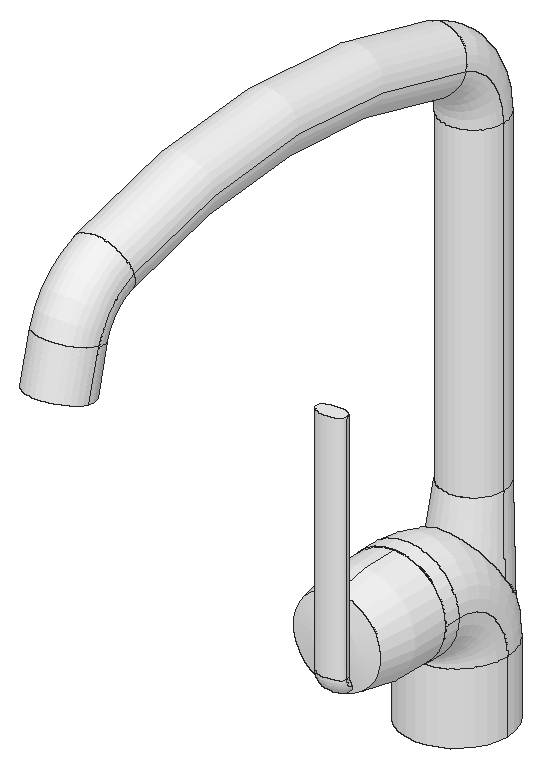
Revit family
Parameters
  Matériau = Plastique - Blanc brillant
  Manufacturer = ""
  Description = ""
Reference planes
  plane 1 "Centre (avant/arrière)": y = 0
  plane 2: z = 0
  plane 3 "Centre (gauche/droite)": x = 0
  plane 4: z = 44.427
Forms (mm)
  Sweep 1, solid, material "Plastique - Blanc brillant" <- "Matériau"
    path origin (0, 0, 0) x (0, 1, 0) y (0, 0, 1)
      loop
        line (-0.001, 99.935) -> (-0.001, 261.452)
        arc (-0.001, 261.452) -> (-6.471, 281.687) -> (-23.482, 294.414) r 34.876
        arc (-23.482, 294.414) -> (-125.186, 311.497) -> (-226.889, 294.414) r 311.288
        arc (-226.889, 294.414) -> (-240.306, 285.917) -> (-248.511, 272.32) r 34.58
        line (-248.511, 272.32) -> (-254.242, 249.434)
    profile origin (0, 0, 180.694) x (0, -1, 0) y (1, 0, 0)
      loop
        circle (0.001, 0) r 15
  Sweep 2, solid, material "Plastique - Blanc brillant" <- "Matériau"
    path origin (0, 0, 0) x (0, 1, 0) y (0, 0, 1)
      loop
        line (-10.357, 0) -> (-10.357, 35)
        arc (-10.357, 35) -> (-19.144, 56.213) -> (-40.357, 65) r 30
        line (-40.357, 65) -> (-48.32, 65)
    profile origin (0, 0, 17.5) x (0, -1, 0) y (1, 0, 0)
      loop
        circle (10.357, 0) r 25
  Blend 3, solid, material "Plastique - Blanc brillant" <- "Matériau"
    base sketch origin (0, 0, 44.427) x (0, 1, 0) y (-1, 0, 0)
      loop
        circle (-6.035, 0) r 20
    top sketch origin (0, 0, 44.427) x (0, 1, 0) y (-1, 0, 0)
      loop
        circle (0, 0) r 15
    from 0 to 55.508
  Revolve 4, solid, material "Plastique - Blanc brillant" <- "Matériau"
    sketch origin (0, 0, 0) x (0, 1, 0) y (0, 0, 1)
      loop
        line (-48.32, 40.182) -> (-48.32, 65) -> (-85.581, 65)
        arc (-85.581, 65) -> (-85.076, 54.176) -> (-83.32, 43.484) r 93.251
        arc (-83.32, 43.484) -> (-65.945, 40.509) -> (-48.32, 40.182) r 116.845
      axis (-48.32, 65) -> (-85.581, 65)
    angle from 0 to 360
  Sweep 5, solid, material "Plastique - Blanc brillant" <- "Matériau"
    path origin (0, 0, 0) x (0, 1, 0) y (0, 0, 1)
      loop
        line (-72.796, 47.517) -> (-81.856, 47.517)
        arc (-81.856, 47.517) -> (-85.391, 48.981) -> (-86.856, 52.517) r 5
        line (-86.856, 52.517) -> (-86.856, 167.614)
    profile origin (0, -77.326, 0) x (0, 0, -1) y (1, 0, 0)
      loop
        spline (-47.517, -7.455) -> (-46.427, -7.201) -> (-45.411, -6.456) -> (-44.539, -5.271) -> (-43.87, -3.727) -> (-43.449, -1.929) -> (-43.306, 0) -> (-43.449, 1.929) -> (-43.87, 3.727) -> (-44.539, 5.271) -> (-45.411, 6.456) -> (-46.427, 7.201) -> (-47.517, 7.455)
        spline (-47.517, 7.455) -> (-48.607, 7.201) -> (-49.622, 6.456) -> (-50.494, 5.271) -> (-51.163, 3.727) -> (-51.584, 1.929) -> (-51.727, 0) -> (-51.584, -1.929) -> (-51.163, -3.727) -> (-50.494, -5.271) -> (-49.622, -6.456) -> (-48.607, -7.201) -> (-47.517, -7.455)
